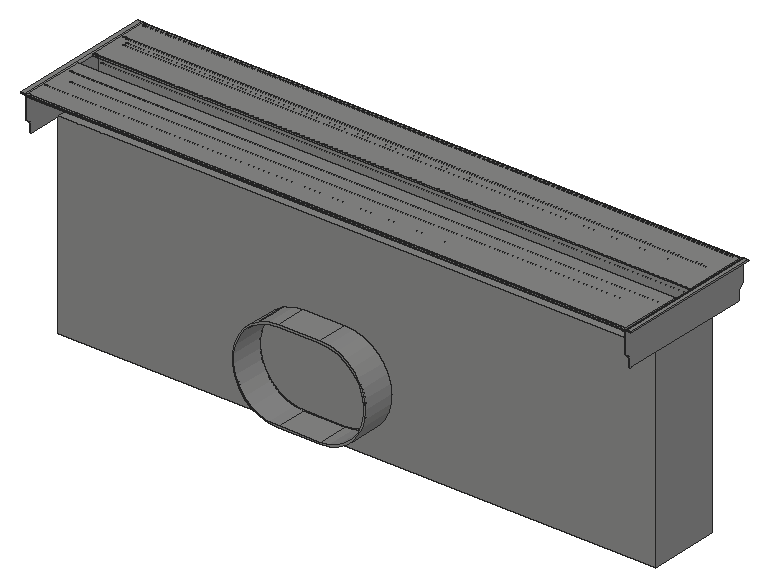
Revit family "Diffuser-Carnes-T_Bar_Mount-1-Slot-DTAB", category Duct Accessories, host Face, Revit 2014
Parameters (values of type "See Type Catalog")
  Supply Connector = yes
  Supply Connection = "Diffuser Supply Connector"  # constant formula
  Subcatagory = "Air Distribution"  # constant formula
  Specification Sheet = "http://www.carnes.com/AirDistribution/pdf/13100.pdf"
  Revit Object Download Link = "http://library.smartbim.com/download/Diffuser-Carnes-T_Bar_Mount-1-Slot-DTAB"
  Product Page URL = "http://www.carnes.com/AirDistribution/dtaa.phtml"
  Length = 24"
  Inlet Nominal Size Width = 5 1/8"
  Inlet Nominal Size Height D = if(Inlet Nominal Size Width > 6", 5 1/4", 3 1/2")  # 3 1/2"
  Height = 9 1/16"  # constant formula
  Flow = 0 CFM
  Description = "Extruded Aluminum 1 Slot Diffuser T-Bar Mount"  # constant formula
  Profile Depth = 5.75918"
  URL = "http://www.carnes.com/"
  Model = "DTAB"  # constant formula
  Unit = Metal - Carnes - Steel Galvanized
  Manufacturer = "CARNES COMPANY"  # constant formula
  Depth = 2 3/4"
  Default Elevation = 0"
  D Depth = 2 3/4"
  Catalog = "http://www.carnes.com/AirDistribution/pdf/a462-465.pdf"
  Box Length = Length - 1/2"  # 23 1/2"
  B Radius = Inlet Width + 3"  # 63"
  Inlet Width = 60"
  Assembly Code = ""
  Inlet Offset = 10 1/2"
  95 CSI = ""
  04 CSI = ""
Reference planes (in)
  plane 1 "Center (Front/Back)": y = 0
  plane 2: z = 0
  plane 3 "Center (Left/Right)": x = 0.94
  plane 4: z = -1.25
  plane 5: y = 2.87959
  plane 6: y = -2.87959
  plane 7: z = 1.44451
  plane 8: x = -11.06
  plane 9: x = 12.94
  plane 10: z = -8.05549
  plane 11: z = -9.0625
Forms (in)
  Extrusion 1, void
    sketch origin (0.94, 0, 0) x (0, 1, 0) y (0, 0, 1)
      loop
        line (-1.375, 1.44451) -> (-1.375, -8.05549) -> (1.375, -8.05549) -> (1.375, 1.44451) -> (-1.375, 1.44451)
    from -12 to 12
Dimensions and locks (in)
  locked: plane 2 to plane 4 at 1.25
  equal spacing: plane 6, plane 1 "Center (Front/Back)", plane 5
  "Profile Depth": plane 6 to plane 5
  locked: plane 7 to host face at 1.44451
  equal spacing: plane 8, plane 3 "Center (Left/Right)", plane 9
  "Length": plane 8 to plane 9
  "D Depth": Extrusion 1 sketch curve to Extrusion 1 sketch curve
  plane 2 to plane 10 = 8.05549"
  "Height": plane 2 to plane 11
  aligned and locked: plane 2 to host face
  aligned and locked: level to host face
  aligned and locked: Extrusion 1 to plane 7
  aligned and locked: Extrusion 1 to plane 10
  aligned and locked: plane 9 to Extrusion 1
  aligned and locked: plane 8 to Extrusion 1
Automatic sketch dimensions
  host sketch curve to host sketch curve = 44.62667"
  host sketch curve to host sketch curve = 16"
  Extrusion 1 sketch curve to plane 10 = 0"
  plane 7 to Extrusion 1 sketch curve = 0"
  plane 1 "Center (Front/Back)" to Extrusion 1 sketch curve = 1 3/8"
Nested families (in)
  nested 1: "602-1001" at (1.88, 0, 0.04219) x (-1, 0, 0) z (0, 0, -1), type "Slot 1"
  nested 2: "CXPC" at (1.88, 0.00043, 0.05188) x (-1, 0, 0) z (0, 0, -1), type "Parametric"
Connectors (in)
  hvac at (-0.31, -2.62457, -6.58911), driven by "Inlet Nominal Size Height D", driven by "Inlet Nominal Size Width", driven by "Supply Connector", driven by "Supply Connection"
    settings: on nested 2, index 1, duct flow 0 CFM, flow factor 0, pres drop 0.00 in-wg, loss coef 0, conn angle 0.00°, conn width 5 1/8", conn height 3 1/2", conn diameter 24", duct sys type 1, conn prof type 2, flow config 1, flow direction 1, loss method 0, conn ref index -1, conn util yes, is conn primary yes, conn desc "Diffuser Supply Connector"
Definition of nested family "602-1001"
  Parameters (values of type "Slot 1")
    Length = 24"
    URL = ""
    Model = ""
    Unit = Metal - Carnes - Steel Galvanized
    Manufacturer = ""
    Height = 1.44451"
    Depth = 5.75918"
    Default Elevation = 0"
    Assembly Code = ""
    95 CSI = ""
    04 CSI = ""
  Reference planes (in)
    plane 1 "Center (Front/Back)": y = 0
    plane 2: z = 0
    plane 3 "Center (Left/Right)": x = 0.94
    plane 4: z = -18
    plane 5: y = -2.87959
    plane 6: y = 2.87959
    plane 7: z = 1.44451
    plane 8: x = 12.94
    plane 9: x = -11.06
    plane 10: x = -10.81
    plane 11: x = 12.69
  Forms (in)
    Extrusion 1, solid
      sketch origin (0, -5, 0) x (1, 0, 0) y (0, 1, 0)
        loop
          line (-11.06, 7.87959) -> (-11.06, 2.12041) -> (12.94, 2.12041) -> (12.94, 7.87959) -> (-11.06, 7.87959)
      from 0 to -1
    Sweep 2, solid, material "Metal - Carnes - Steel Galvanized" <- "Unit"
      path origin (0, 0, 0) x (1, 0, 0) y (0, 0, -1)
        loop
          line (-10.81, -1.4375) -> (12.69, -1.4375)
      profile origin (0.94, 0, 1.4375) x (0, 0, -1) y (0, 1, 0)
        loop
          line (0.77177, 0.66971) -> (0.02351, 0.67212)
          arc (0.02351, 0.67212) -> (0.00689, 0.66528) -> (0, 0.64868) r 0.02344
          line (0, 0.64868) -> (0, 0.52249)
          arc (0, 0.52249) -> (0.00711, 0.50528) -> (0.0243, 0.49811) r 0.02438
          line (0.0243, 0.49811) -> (0.12374, 0.49779)
          arc (0.12374, 0.49779) -> (0.13793, 0.50363) -> (0.14381, 0.5178) r 0.02001
          line (0.14381, 0.5178) -> (0.14381, 0.57203) -> (0.08198, 0.57203) -> (0.08198, 0.62193) -> (1.35805, 0.62193) -> (1.35805, 0.56982) -> (1.29798, 0.56982) -> (1.29798, 0.51394)
          arc (1.29798, 0.51394) -> (1.30384, 0.4998) -> (1.31798, 0.49395) r 0.01999
          line (1.31798, 0.49395) -> (1.36794, 0.49395)
          arc (1.36794, 0.49395) -> (1.38311, 0.48766) -> (1.38939, 0.47249) r 0.02146
          line (1.38939, 0.47249) -> (1.38939, 0.36155) -> (1.43931, 0.36155) -> (1.4473, 2.84098)
          arc (1.4473, 2.84098) -> (1.4415, 2.85523) -> (1.42736, 2.86129) r 0.02024
          line (1.42736, 2.86129) -> (1.37214, 2.8621)
          arc (1.37214, 2.8621) -> (1.3472, 2.83715) -> (1.37214, 2.81221) r 0.02494
          arc (1.37214, 2.81221) -> (1.38952, 2.8078) -> (1.39714, 2.79156) r 0.02097
          line (1.39714, 2.79156) -> (1.39464, 2.01695)
          arc (1.39464, 2.01695) -> (1.36148, 1.9729) -> (1.30987, 1.99227) r 0.04603
          arc (1.30987, 1.99227) -> (1.21866, 2.05073) -> (1.11491, 2.01955) r 0.12967
          arc (1.11491, 2.01955) -> (1.11307, 1.98093) -> (1.15173, 1.98027) r 0.02693
          arc (1.15173, 1.98027) -> (1.26735, 1.93319) -> (1.15309, 1.8829) r 0.06779
          arc (1.15309, 1.8829) -> (1.11184, 1.88048) -> (1.11661, 1.83943) r 0.02842
          arc (1.11661, 1.83943) -> (1.21727, 1.81173) -> (1.31004, 1.85962) r 0.14342
          arc (1.31004, 1.85962) -> (1.3613, 1.87887) -> (1.39406, 1.83498) r 0.04558
          line (1.39406, 1.83498) -> (1.39069, 0.78783) -> (1.34866, 0.78783)
          arc (1.34866, 0.78783) -> (1.33442, 0.78193) -> (1.32852, 0.76768) r 0.02014
          line (1.32852, 0.76768) -> (1.32852, 0.73691) -> (1.39052, 0.73671) -> (1.3903, 0.66771) -> (0.8443, 0.66947) -> (0.84452, 0.73652) -> (0.90652, 0.73632) -> (0.90652, 0.76854)
          arc (0.90652, 0.76854) -> (0.90075, 0.78251) -> (0.88679, 0.78834) r 0.0198
          line (0.88679, 0.78834) -> (0.81481, 0.78857)
          arc (0.81481, 0.78857) -> (0.80056, 0.78272) -> (0.79462, 0.76851) r 0.02012
          line (0.79462, 0.76851) -> (0.79437, 0.69216)
          arc (0.79437, 0.69216) -> (0.78772, 0.67625) -> (0.77177, 0.66971) r 0.02253
        loop
          arc (0.77177, -0.66971) -> (0.78772, -0.67625) -> (0.79437, -0.69216) r 0.02253
          line (0.79437, -0.69216) -> (0.79462, -0.76851)
          arc (0.79462, -0.76851) -> (0.80056, -0.78272) -> (0.81481, -0.78857) r 0.02012
          line (0.81481, -0.78857) -> (0.88679, -0.78834)
          arc (0.88679, -0.78834) -> (0.90075, -0.78251) -> (0.90652, -0.76854) r 0.0198
          line (0.90652, -0.76854) -> (0.90652, -0.73632) -> (0.84452, -0.73652) -> (0.8443, -0.66947) -> (1.3903, -0.66771) -> (1.39052, -0.73671) -> (1.32852, -0.73691) -> (1.32852, -0.76768)
          arc (1.32852, -0.76768) -> (1.33442, -0.78193) -> (1.34866, -0.78783) r 0.02014
          line (1.34866, -0.78783) -> (1.39069, -0.78783) -> (1.39406, -1.83498)
          arc (1.39406, -1.83498) -> (1.3613, -1.87887) -> (1.31004, -1.85962) r 0.04558
          arc (1.31004, -1.85962) -> (1.21727, -1.81173) -> (1.11661, -1.83943) r 0.14342
          arc (1.11661, -1.83943) -> (1.11184, -1.88048) -> (1.15309, -1.8829) r 0.02842
          arc (1.15309, -1.8829) -> (1.26735, -1.93319) -> (1.15173, -1.98027) r 0.06779
          arc (1.15173, -1.98027) -> (1.11307, -1.98093) -> (1.11491, -2.01955) r 0.02693
          arc (1.11491, -2.01955) -> (1.21866, -2.05073) -> (1.30987, -1.99227) r 0.12967
          arc (1.30987, -1.99227) -> (1.36148, -1.9729) -> (1.39464, -2.01695) r 0.04603
          line (1.39464, -2.01695) -> (1.39714, -2.79156)
          arc (1.39714, -2.79156) -> (1.38952, -2.8078) -> (1.37214, -2.81221) r 0.02097
          arc (1.37214, -2.81221) -> (1.3472, -2.83715) -> (1.37214, -2.8621) r 0.02494
          line (1.37214, -2.8621) -> (1.42736, -2.86129)
          arc (1.42736, -2.86129) -> (1.4415, -2.85523) -> (1.4473, -2.84098) r 0.02024
          line (1.4473, -2.84098) -> (1.43931, -0.36155) -> (1.38939, -0.36155) -> (1.38939, -0.47249)
          arc (1.38939, -0.47249) -> (1.38311, -0.48766) -> (1.36794, -0.49395) r 0.02146
          line (1.36794, -0.49395) -> (1.31798, -0.49395)
          arc (1.31798, -0.49395) -> (1.30384, -0.4998) -> (1.29798, -0.51394) r 0.01999
          line (1.29798, -0.51394) -> (1.29798, -0.56982) -> (1.35805, -0.56982) -> (1.35805, -0.62193) -> (0.08198, -0.62193) -> (0.08198, -0.57203) -> (0.14381, -0.57203) -> (0.14381, -0.5178)
          arc (0.14381, -0.5178) -> (0.13793, -0.50363) -> (0.12374, -0.49779) r 0.02001
          line (0.12374, -0.49779) -> (0.0243, -0.49811)
          arc (0.0243, -0.49811) -> (0.00711, -0.50528) -> (0, -0.52249) r 0.02438
          line (0, -0.52249) -> (0, -0.64868)
          arc (0, -0.64868) -> (0.00689, -0.66528) -> (0.02351, -0.67212) r 0.02344
          line (0.02351, -0.67212) -> (0.77177, -0.66971)
    Sweep 3, solid, material "Metal - Carnes - Steel Galvanized" <- "Unit"
      path origin (0.94, 0, 0) x (0, 1, 0) y (0, 0, 1)
        loop
          line (2.87959, 1.44451) -> (-2.87959, 1.44451)
      profile origin (0.94, 0, 1.44451) x (0, 0, -1) y (1, 0, 0)
        loop
          line (1.3803, -11.75) -> (0, -11.75) -> (0, -11.7859) -> (1.37428, -11.7859)
          arc (1.37428, -11.7859) -> (1.39593, -11.79487) -> (1.40489, -11.81651) r 0.03061
          line (1.40489, -11.81651) -> (1.40489, -12) -> (1.44451, -12) -> (1.44451, -11.81421)
          arc (1.44451, -11.81421) -> (1.4257, -11.76881) -> (1.3803, -11.75) r 0.06421
        loop
          arc (1.3803, 11.75) -> (1.4257, 11.76881) -> (1.44451, 11.81421) r 0.06421
          line (1.44451, 11.81421) -> (1.44451, 12) -> (1.40489, 12) -> (1.40489, 11.81651)
          arc (1.40489, 11.81651) -> (1.39593, 11.79487) -> (1.37428, 11.7859) r 0.03061
          line (1.37428, 11.7859) -> (0, 11.7859) -> (0, 11.75) -> (1.3803, 11.75)
    Extrusion 4, void
      sketch origin (0.94, 0, 0) x (0, 1, 0) y (0, 0, 1)
        loop
          line (2.87959, 1.44451) -> (2.62155, 1.44451)
          arc (2.62155, 1.44451) -> (2.66739, 1.42552) -> (2.68638, 1.37968) r 0.06483
          line (2.68638, 1.37968) -> (2.68638, 1.10478)
          arc (2.68638, 1.10478) -> (2.69029, 1.08506) -> (2.70142, 1.06831) r 0.05175
          line (2.70142, 1.06831) -> (2.87959, 0.88899) -> (2.87959, 1.44451)
        loop
          line (-2.87959, 1.44451) -> (-2.87959, 0.88899) -> (-2.70142, 1.06831)
          arc (-2.70142, 1.06831) -> (-2.69029, 1.08506) -> (-2.68638, 1.10478) r 0.05175
          line (-2.68638, 1.10478) -> (-2.68638, 1.37968)
          arc (-2.68638, 1.37968) -> (-2.66739, 1.42552) -> (-2.62155, 1.44451) r 0.06483
          line (-2.62155, 1.44451) -> (-2.87959, 1.44451)
      from -12 to 12
  Cuts and joins
    Extrusion 4 cuts Sweep 3
  Lines and regions (in)
    Masking region 1
      outline origin (0, 0, 0) x (1, 0, 0) y (0, 1, 0)
        loop
          line (-11.06, 2.87959) -> (-11.06, -2.87959) -> (12.94, -2.87959) -> (12.94, 2.87959) -> (-11.06, 2.87959)
    symbolic lines, style "Diffuser"
      curve 1: line (-10.81, 0.36155, 0) -> (12.69, 0.36155, 0)
      curve 2: line (12.69, -0.36155, 0) -> (-10.81, -0.36155, 0)
      curve 3: line (12.69, -2.87959, 0) -> (12.69, 2.87959, 0)
      curve 4: line (-10.81, 2.87959, 0) -> (-10.81, -2.87959, 0)
  Dimensions and locks (in)
    locked: plane 2 to plane 4 at 18
    plane 7 to Extrusion 1 = 1.44451"
    locked: plane 10 to plane 9 at 0.25
    locked: plane 8 to plane 11 at 0.25
    "Height": plane 7 to Extrusion 1
    equal spacing: plane 5, plane 1 "Center (Front/Back)", plane 6
    "Depth": plane 5 to plane 6
    equal spacing: plane 8, plane 3 "Center (Left/Right)", plane 9
    "Length": plane 8 to plane 9
    aligned and locked: plane 2 to Extrusion 1
    aligned and locked: level to Extrusion 1
    aligned and locked: plane 11 to Sweep 2 sketch curve
    aligned and locked: plane 10 to Sweep 2 sketch curve
    aligned and locked: Sweep 3 sketch curve to plane 10
    aligned and locked: Extrusion 4 to plane 9
    aligned and locked: Extrusion 4 to plane 8
    aligned and locked: plane 11 to Sweep 3 sketch curve
    aligned and locked: plane 5 to Extrusion 1 sketch curve
    aligned and locked: plane 6 to Extrusion 1 sketch curve
    aligned and locked: plane 8 to Extrusion 1 sketch curve
    aligned and locked: plane 9 to Extrusion 1 sketch curve
  Automatic sketch dimensions
    level to Sweep 2 sketch curve = 1 7/16"
    Sweep 3 sketch curve to plane 5 = 0"
    Sweep 3 sketch curve to plane 6 = 0"
    plane 7 to Sweep 3 sketch curve = 0"
    Sweep 2 sketch curve to profile plane = 0"  (x2)
    Sweep 2 sketch curve to Sweep 2 sketch curve = 3/128"  (x2)
    Sweep 2 sketch curve to Sweep 2 sketch curve = 0.00008"  (x4)
    Sweep 2 sketch curve to profile plane = 0.0243"  (x2)
    Sweep 2 sketch curve to Sweep 2 sketch curve = 0.0576"  (x2)
    Sweep 2 sketch curve to Sweep 2 sketch curve = 0.04175"  (x2)
    Sweep 2 sketch curve to Sweep 2 sketch curve = 0.00006"  (x8)
    Sweep 2 sketch curve to Sweep 2 sketch curve = 0.02001"  (x2)
    Sweep 2 sketch curve to Sweep 2 sketch curve = 0.62797"  (x2)
    Sweep 2 sketch curve to Sweep 2 sketch curve = 0.00007"  (x7)
    Sweep 2 sketch curve to Sweep 2 sketch curve = 0.02253"  (x2)
    Sweep 2 sketch curve to Sweep 2 sketch curve = 0.00025"  (x2)
    Sweep 2 sketch curve to Sweep 2 sketch curve = 0.02012"  (x2)
    Sweep 2 sketch curve to Sweep 2 sketch curve = 0.04993"  (x2)
    profile plane to Sweep 2 sketch curve = 0.73652"
    Sweep 2 sketch curve to Sweep 2 sketch curve = 0.02978"  (x2)
    Sweep 2 sketch curve to profile plane = 0.73652"
    Sweep 2 sketch curve to Sweep 2 sketch curve = 0.04221"  (x2)
    Sweep 2 sketch curve to Sweep 2 sketch curve = 0.0198"  (x2)
    Sweep 2 sketch curve to profile plane = 1.13272"  (x2)
    Sweep 2 sketch curve to Sweep 2 sketch curve = 0.00089"  (x2)
    Sweep 2 sketch curve to Sweep 2 sketch curve = 0.06685"  (x2)
    Sweep 2 sketch curve to Sweep 2 sketch curve = 0.00112"  (x2)
    Sweep 2 sketch curve to Sweep 2 sketch curve = 0.00281"  (x2)
    Sweep 2 sketch curve to Sweep 2 sketch curve = 0.39146"  (x2)
    Sweep 2 sketch curve to Sweep 2 sketch curve = 0.01999"  (x2)
    Sweep 2 sketch curve to Sweep 2 sketch curve = 0.03054"  (x2)
    Sweep 2 sketch curve to Sweep 2 sketch curve = 0.14779"  (x2)
    Sweep 2 sketch curve to Sweep 2 sketch curve = 0.14624"  (x2)
    Sweep 2 sketch curve to Sweep 2 sketch curve = 0.02014"  (x2)
    Sweep 2 sketch curve to Sweep 2 sketch curve = 0.06007"  (x2)
    Sweep 2 sketch curve to Sweep 2 sketch curve = 0.04996"  (x2)
    Sweep 2 sketch curve to Sweep 2 sketch curve = 0.02352"  (x2)
    Sweep 2 sketch curve to Sweep 2 sketch curve = 0.00403"  (x2)
    Sweep 2 sketch curve to Sweep 2 sketch curve = 0.02146"  (x2)
    Sweep 2 sketch curve to profile plane = 0.66771"
    Sweep 2 sketch curve to Sweep 2 sketch curve = 0.03224"  (x2)
    profile plane to Sweep 2 sketch curve = 0.66771"
    Sweep 2 sketch curve to profile plane = 0.73671"
    profile plane to Sweep 2 sketch curve = 0.73671"
    Sweep 2 sketch curve to Sweep 2 sketch curve = 0.04202"  (x2)
    Sweep 2 sketch curve to Sweep 2 sketch curve = 0.04558"  (x2)
    Sweep 2 sketch curve to Sweep 2 sketch curve = 0.04603"  (x2)
    Sweep 2 sketch curve to Sweep 2 sketch curve = 0.02097"  (x2)
    Sweep 2 sketch curve to Sweep 2 sketch curve = 0.05492"  (x2)
    Sweep 2 sketch curve to Sweep 2 sketch curve = 0.0003"  (x2)
    Sweep 2 sketch curve to profile plane = 0.36155"
    Sweep 2 sketch curve to Sweep 2 sketch curve = 0.04992"  (x2)
    profile plane to Sweep 2 sketch curve = 0.36155"
    Sweep 2 sketch curve to Sweep 2 sketch curve = 0.02024"  (x2)
    Sweep 2 sketch curve to Sweep 2 sketch curve = 0.03077"  (x2)
    Sweep 2 sketch curve to Sweep 2 sketch curve = 0.03193"  (x2)
    Sweep 2 sketch curve to Sweep 2 sketch curve = 0.03222"  (x2)
    Sweep 2 sketch curve to Sweep 2 sketch curve = 1.04716"  (x2)
    Sweep 2 sketch curve to Sweep 2 sketch curve = 0.00015"  (x4)
    Sweep 2 sketch curve to Sweep 2 sketch curve = 0.02708"  (x2)
    Sweep 2 sketch curve to Sweep 2 sketch curve = 0.0601"  (x2)
    Sweep 2 sketch curve to Sweep 2 sketch curve = 0.00994"  (x2)
    Sweep 2 sketch curve to Sweep 2 sketch curve = 0.02214"  (x2)
    Sweep 2 sketch curve to Sweep 2 sketch curve = 0.04497"  (x2)
    Sweep 2 sketch curve to Sweep 2 sketch curve = 0.18196"  (x2)
    Sweep 2 sketch curve to Sweep 2 sketch curve = 0.77462"  (x2)
    Sweep 2 sketch curve to Sweep 2 sketch curve = 0.02494"  (x2)
    Sweep 2 sketch curve to Sweep 2 sketch curve = 0.04942"  (x2)
    Sweep 2 sketch curve to Sweep 2 sketch curve = 0.02276"
    Sweep 2 sketch curve to profile plane = 0.67212"
    Sweep 2 sketch curve to Sweep 2 sketch curve = 0.04579"
    Sweep 2 sketch curve to Sweep 2 sketch curve = 0.0499"
    Sweep 2 sketch curve to Sweep 2 sketch curve = 0.05211"  (x2)
    Sweep 2 sketch curve to Sweep 2 sketch curve = 0.04954"
    Sweep 2 sketch curve to Sweep 2 sketch curve = 0.05423"  (x2)
    Sweep 2 sketch curve to Sweep 2 sketch curve = 0.05588"  (x2)
    Sweep 2 sketch curve to Sweep 2 sketch curve = 0.11094"
    profile plane to Sweep 2 sketch curve = 0.49779"
    Sweep 2 sketch curve to Sweep 2 sketch curve = 0.00032"
    Sweep 2 sketch curve to Sweep 2 sketch curve = 0.02675"
    Sweep 2 sketch curve to Sweep 2 sketch curve = 0.00023"
    Sweep 2 sketch curve to Sweep 2 sketch curve = 0.02245"
    Sweep 2 sketch curve to Sweep 2 sketch curve = 0.01782"  (x2)
    Sweep 2 sketch curve to Sweep 2 sketch curve = 0"  (x6)
    Sweep 2 sketch curve to Sweep 2 sketch curve = 0.017"  (x2)
    Extrusion 4 sketch curve to plane 5 = 0"
    plane 7 to Extrusion 4 sketch curve = 0"  (x2)
    Extrusion 4 sketch curve to plane 6 = 0"
    plane 5 to Extrusion 4 sketch curve = 0.14146"
    Extrusion 4 sketch curve to Extrusion 4 sketch curve = 0.03671"
    Extrusion 4 sketch curve to Extrusion 4 sketch curve = 0.01504"  (x2)
    Extrusion 4 sketch curve to Extrusion 4 sketch curve = 0.06483"
    plane 7 to Extrusion 4 sketch curve = 0.06483"
    plane 6 to Extrusion 4 sketch curve = 0.25804"
    Extrusion 4 sketch curve to Extrusion 4 sketch curve = 0.05175"
    Extrusion 4 sketch curve to Extrusion 4 sketch curve = 0.27489"  (x2)
    Extrusion 4 sketch curve to Extrusion 4 sketch curve = 0.17932"  (x2)
    Masking region 1 sketch curve to plane 5 = 0"
    Masking region 1 sketch curve to plane 9 = 0"
    Masking region 1 sketch curve to plane 8 = 0"
    plane 6 to Masking region 1 sketch curve = 0"
    Sweep 3 sketch curve to profile plane = 0"  (x2)
    Sweep 3 sketch curve to profile plane = 1.37428"  (x2)
    Sweep 3 sketch curve to Sweep 3 sketch curve = 0.00602"  (x2)
    Sweep 3 sketch curve to Sweep 3 sketch curve = 0.03061"
    Sweep 3 sketch curve to Sweep 3 sketch curve = 0.0246"
    Sweep 3 sketch curve to Sweep 3 sketch curve = 0.03961"  (x2)
    Sweep 3 sketch curve to Sweep 3 sketch curve = 0.0023"
    Sweep 3 sketch curve to Sweep 3 sketch curve = 0.18579"  (x2)
    Sweep 3 sketch curve to Sweep 3 sketch curve = 0.0359"
    curve 2 to plane 10 = 0"
    plane 6 to curve 3 = 0"
    curve 3 to plane 11 = 0"
    curve 3 to plane 5 = 0"
    curve 4 to plane 5 = 0"
    plane 6 to curve 4 = 0"
    plane 1 "Center (Front/Back)" to curve 2 = 0.36155"
    curve 1 to plane 1 "Center (Front/Back)" = 0.36155"
Definition of nested family "CXPC"
  Parameters (values of type "Parametric")
    Slot Width = 1 75/128"
    Inlet Offset = 1 1/4"
    Inlet Nominal Size Width = 5 1/8"
    Inlet Nominal Size Height D = if(Inlet Nominal Size Width > 6", 5 1/4", 3 1/2")  # 3 1/2"
    Half Inlet Width = Inlet Nominal Size Width / 2  # 2 9/16"
    Length = 23 1/2"
    Depth = 2 3/4"
    Height = 9 1/16"  # constant formula
    URL = "http://www.carnes.com/"
    Model = "DGAA"  # constant formula
    Unit = Metal - Carnes - Steel Galvanized
    Manufacturer = ""
    Default Elevation = 0"
    B Radius = B + 3"  # 63"
    B = 60"
    Assembly Code = ""
    A = 10 1/2"
    95 CSI = ""
    04 CSI = ""
  Reference planes (in)
    plane 1 "Center (Front/Back)": y = 0
    plane 2: z = 0
    plane 3 "Center (Left/Right)": x = 0.94
    plane 4: x = -10.81
    plane 5: x = 12.69
    plane 6: z = 9.0625
    plane 7: z = 8.5625
    plane 8: z = 60
    plane 9: x = -10.7475
    plane 10: x = 12.6275
    plane 11: z = -18
    plane 12: y = 1.375
    plane 13: y = 1.125
    plane 14: y = -1.375
    plane 15: y = -1.125
    plane 16: y = -2.625
    plane 17: x = 2.19
    plane 18: z = 0.84375
    plane 19: y = -0.79297
    plane 20: y = 0.79297
    plane 21: z = 8.39099
    plane 22: z = 4.89099
  Forms (in)
    Extrusion 1, solid
      sketch origin (0, 0, 0) x (1, 0, 0) y (0, 1, 0)
        loop
          line (-48, 48) -> (-48, -48) -> (48, -48) -> (48, 48) -> (-48, 48)
      from 0 to -1
    Extrusion 2, solid, material "Metal - Carnes - Steel Galvanized" <- "Unit"
      sketch origin (0, 0, 0) x (1, 0, 0) y (0, 0, 1)
        loop
          line (-10.81, 9.0625) -> (-10.81, 8.5625) -> (12.69, 8.5625) -> (12.69, 9.0625) -> (-10.81, 9.0625)
      from -1.125 to 1.125
    Extrusion 3, solid, material "Metal - Carnes - Steel Galvanized" <- "Unit"
      sketch origin (0, 0, 0) x (1, 0, 0) y (0, 1, 0)
        loop
          line (-10.81, 1.375) -> (-10.81, 1.125) -> (12.69, 1.125) -> (12.69, 1.375) -> (-10.81, 1.375)
        loop
          line (-10.81, -1.125) -> (-10.81, -1.375) -> (12.69, -1.375) -> (12.69, -1.125) -> (-10.81, -1.125)
      from 1.4375 to 9.0625
    Sweep 4, solid, material "Metal - Carnes - Steel Galvanized" <- "Unit"
      path in 3D
        loop
          line (-10.81, -1.125, 1.4375) -> (12.69, -1.125, 1.4375)
      profile origin (0.94, -1.125, 1.4375) x (0, -1, 0) y (0, 0, -1)
        loop
          line (-1.91797, 0) -> (-1.91797, 0.89784)
          arc (-1.91797, 0.89784) -> (-1.88726, 0.92855) -> (-1.85655, 0.89784) r 0.03071
          line (-1.85655, 0.89784) -> (-1.85655, 0.83461) -> (-1.8253, 0.83461) -> (-1.8253, 0.89765)
          arc (-1.8253, 0.89765) -> (-1.88727, 0.95963) -> (-1.94925, 0.89765) r 0.06198
          line (-1.94925, 0.89765) -> (-1.94925, 0.03125) -> (-2.5, 0.03125) -> (-2.5, 0) -> (-1.91797, 0)
        loop
          line (-0.33203, 0) -> (0.25, 0) -> (0.25, 0.03125) -> (-0.30075, 0.03125) -> (-0.30075, 0.89765)
          arc (-0.30075, 0.89765) -> (-0.36273, 0.95963) -> (-0.4247, 0.89765) r 0.06198
          line (-0.4247, 0.89765) -> (-0.4247, 0.83461) -> (-0.39345, 0.83461) -> (-0.39345, 0.89784)
          arc (-0.39345, 0.89784) -> (-0.36274, 0.92855) -> (-0.33203, 0.89784) r 0.03071
          line (-0.33203, 0.89784) -> (-0.33203, 0)
    Extrusion 5, solid, material "Metal - Carnes - Steel Galvanized" <- "Unit"
      sketch origin (12.69, 0, 9.0625) x (0, 0, -1) y (0, 1, 0)
        loop
          line (0, -1.375) -> (7.625, -1.375) -> (7.625, 1.375) -> (0, 1.375) -> (0, -1.375)
      from -0.0625 to 0
    Extrusion 6, solid, material "Metal - Carnes - Steel Galvanized" <- "Unit"
      sketch origin (-10.81, 0, 9.0625) x (0, 0, -1) y (0, -1, 0)
        loop
          line (0, 1.375) -> (0, -1.375) -> (7.625, -1.375) -> (7.625, 1.375) -> (0, 1.375)
      from -0.0625 to 0
    Extrusion 7, void
      sketch origin (0, 0, 0) x (1, 0, 0) y (0, 0, 1)
        loop
          arc (1.3775, 8.39099) -> (-0.3725, 6.64099) -> (1.3775, 4.89099) r 1.75
          line (1.3775, 4.89099) -> (3.0025, 4.89099)
          arc (3.0025, 4.89099) -> (4.7525, 6.64099) -> (3.0025, 8.39099) r 1.75
          line (3.0025, 8.39099) -> (1.3775, 8.39099)
      from 1.375 to 1.34378
    Extrusion 8, solid, material "Metal - Carnes - Steel Galvanized" <- "Unit"
      sketch origin (-11.06, -0.875, 0) x (1, 0, 0) y (0, 0, 1)
        loop
          arc (12.4375, 8.39099) -> (10.6875, 6.64099) -> (12.4375, 4.89099) r 1.75
          line (12.4375, 4.89099) -> (14.0625, 4.89099)
          arc (14.0625, 4.89099) -> (15.8125, 6.64099) -> (14.0625, 8.39099) r 1.75
          line (14.0625, 8.39099) -> (12.4375, 8.39099)
        loop
          arc (12.4375, 8.45349) -> (10.625, 6.64099) -> (12.4375, 4.82849) r 1.8125
          line (12.4375, 4.82849) -> (14.0625, 4.82849)
          arc (14.0625, 4.82849) -> (15.875, 6.64099) -> (14.0625, 8.45349) r 1.8125
          line (14.0625, 8.45349) -> (12.4375, 8.45349)
      from 0.25 to 1.75
  Cuts and joins
    Extrusion 7 cuts Extrusion 2
    Extrusion 7 cuts Extrusion 3
    Extrusion 7 cuts Sweep 4
    Extrusion 7 cuts Extrusion 5
    Extrusion 7 cuts Extrusion 6
    joined: Extrusion 2, Extrusion 3, Sweep 4, Extrusion 5, Extrusion 6
  Lines and regions (in)
    sketch lines
      curve 1: line (-10.81, -1.125, 1.4375) -> (12.69, -1.125, 1.4375)
  Dimensions and locks (in)
    equal spacing: plane 4, plane 3 "Center (Left/Right)", plane 5
    "Length": plane 4 to plane 5
    "Height": plane 6 to plane 2
    locked: plane 6 to plane 7 at 0.5
    level to plane 11 = 18"
    plane 6 to Extrusion 1 = 9 1/16"
    plane 8 to Extrusion 1 = 60"
    "Inlet Offset": plane 16 to plane 14
    "Depth": plane 12 to plane 14
    locked: plane 15 to plane 14 at 0.25
    locked: plane 12 to plane 13 at 0.25
    equal spacing: plane 12, plane 1 "Center (Front/Back)", plane 14
    locked: plane 10 to plane 5 at 0.0625
    locked: plane 9 to plane 4 at 0.0625
    "B": plane 8 to plane 2
    "A": plane 17 to plane 5
    locked: plane 18 to plane 2 at 0.84375
    Sweep 4 sketch curve to plane 18 to Sweep 4 sketch curve to Sweep 4 sketch curve to Sweep 4 sketch curve = 9/16" locked, 0.24086" locked, 0.09394" locked, 0.03107" locked  (x2)
    Sweep 4 sketch curve to Sweep 4 sketch curve to plane 19 to Sweep 4 sketch curve = 1/32" locked, 0.06142" locked, 0.03128" locked
    Sweep 4 sketch curve to plane 20 to Sweep 4 sketch curve to Sweep 4 sketch curve = 0.03128" locked, 0.06142" locked, 1/32" locked
    equal spacing: plane 20, plane 1 "Center (Front/Back)", plane 19
    "Slot Width": plane 20 to plane 19
    "Half Inlet Width": plane 17 to Extrusion 8 sketch curve
    "Half Inlet Width": Extrusion 8 sketch curve to plane 17
    "Inlet Nominal Size Height D": plane 21 to plane 22
    aligned and locked: plane 2 to Extrusion 1
    aligned and locked: level to Extrusion 1
    aligned and locked: Extrusion 2 sketch curve to plane 6
    aligned and locked: Extrusion 2 sketch curve to plane 7
    aligned and locked: Extrusion 2 sketch curve to plane 4
    aligned and locked: plane 5 to Extrusion 2 sketch curve
    aligned and locked: Extrusion 3 sketch curve to plane 12
    aligned and locked: Extrusion 3 sketch curve to plane 13
    aligned and locked: plane 15 to Extrusion 3 sketch curve
    aligned and locked: plane 14 to Extrusion 3 sketch curve
    aligned and locked: Extrusion 3 sketch curve to plane 4
    aligned and locked: plane 5 to Extrusion 3 sketch curve
    aligned and locked: plane 6 to Extrusion 3
    aligned and locked: Extrusion 2 to Extrusion 3  (x2)
    aligned and locked: plane 10 to Extrusion 5
    aligned and locked: Extrusion 5 to plane 5
    aligned and locked: Extrusion 6 sketch curve to cut or joined group of Extrusion 2, Extrusion 3, Sweep 4, Extrusion 5, Extrusion 6, Extrusion 7  (x2)
    aligned and locked: cut or joined group of Extrusion 2, Extrusion 3, Sweep 4, Extrusion 5, Extrusion 6, Extrusion 7 to Extrusion 6 sketch curve
    aligned and locked: plane 9 to Extrusion 6
    aligned and locked: Extrusion 6 to plane 4
    aligned and locked: plane 5 to cut or joined group of Extrusion 2, Extrusion 3, Sweep 4, Extrusion 5, Extrusion 6, Extrusion 7
    aligned and locked: Extrusion 7 to plane 14
    aligned and locked: Extrusion 6 to Extrusion 3
    aligned and locked: cut or joined group of Extrusion 2, Extrusion 3, Sweep 4, Extrusion 5, Extrusion 6, Extrusion 7 to cut or joined group of Extrusion 2, Extrusion 3, Sweep 4, Extrusion 5, Extrusion 6, Extrusion 7
    aligned and locked: plane 12 to Sweep 4 sketch curve
    aligned and locked: Sweep 4 sketch curve to plane 14
    aligned and locked: plane 19 to Sweep 4 sketch curve
    aligned and locked: Sweep 4 sketch curve to plane 20
    aligned and locked: Extrusion 8 to plane 16
    aligned and locked: cut or joined group of Extrusion 2, Extrusion 3, Sweep 4, Extrusion 5, Extrusion 6, Extrusion 7 to Extrusion 8
    aligned and locked: Extrusion 7 sketch curve to Extrusion 8  (x2)
    aligned and locked: Extrusion 8 sketch curve to plane 21
    aligned and locked: plane 22 to Extrusion 8 sketch curve
  Automatic sketch dimensions
    Extrusion 1 sketch curve to Extrusion 1 sketch curve = 96"  (x2)
    Extrusion 3 sketch curve to plane 4 = 0"
    Extrusion 3 sketch curve to plane 5 = 0"
    Extrusion 2 to Extrusion 5 sketch curve = 0"
    Extrusion 5 sketch curve to Extrusion 2 = 1/4"  (x2)
    Extrusion 5 sketch curve to Extrusion 2 = 7 1/8"
    Extrusion 2 to Extrusion 6 sketch curve = 7 1/8"
    profile plane to Sweep 4 sketch curve = 0"  (x2)
    Extrusion 8 sketch curve to Extrusion 8 sketch curve = 0"  (x3)
    Extrusion 8 sketch curve to Extrusion 8 sketch curve = 1/16"
